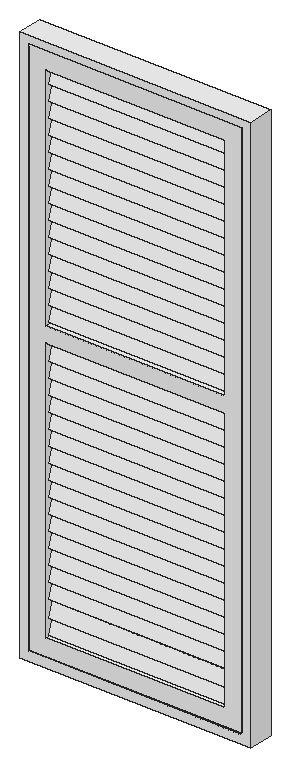
Revit family
Parameters (values of type "9 X 22")
  Assembly Code = ""
  Top Rail = 50 mm
  Stile = 50 mm
  Shutter = 합성수지
  Panel = Glass (2)
  Height = 2210 mm
  Frame Width = 50 mm
  Frame Depth = 100 mm
  Frame = 합성수지
  Default Sill Height = 0 mm
  Wall Closure = (empty or 0)
  Width = 910 mm
  Bottom Rail = 50 mm
Reference planes
  plane 1: y = 5
  plane 2 "Center (Left/Right)": x = 0
  plane 3 "Left": x = -455
  plane 4 "Right": x = 455
  plane 5 "Sill": z = 0
  plane 6 "Head": z = 2210
  plane 7 "Exterior": y = 80
  plane 8 "Interior": y = -70
  plane 9: x = -405
  plane 10: x = 405
  plane 11: y = 55
  plane 12: y = -45
  plane 13: z = 2160
  plane 14: z = 50
  plane 15: x = -355
  plane 16: x = 355
  plane 17: z = 2110
  plane 18: z = 100
  plane 19: x = -50
  plane 20: x = 50
  plane 21: z = 1105
Forms (mm)
  Sweep 1, solid, material "합성수지" <- "Frame"
    path origin (0, 5.744, -49.994) x (1, 0, 0) y (0, 0, 1)
      loop
        line (-300, 200) -> (300, 200) -> (300, 2100) -> (-300, 2100) -> (-300, 200)
    profile origin (0, 0, 1100.006) x (-1, 0, 0) y (0, -1, 0)
      loop
        line (455, 44.256) -> (420, 44.256) -> (420, 9.256) -> (405, 9.256) -> (405, -55.744) -> (455, -55.744) -> (455, 44.256)
  Extrusion 2, solid, material "합성수지" <- "Shutter"
    sketch origin (0, -45, 0) x (-1, 0, 0) y (0, 0, -1)
      loop
        line (420, -35) -> (-420, -35) -> (-420, -2175) -> (420, -2175) -> (420, -35)
      loop
        line (-355, -2110) -> (350.507, -2110) -> (350.507, -1204.934) -> (-355, -1204.934) -> (-355, -2110)
      loop
        line (-355, -100) -> (-355, -1144.934) -> (350.507, -1144.934) -> (350.507, -100) -> (-355, -100)
    from 0 to -35
  Extrusion 3, solid, material "합성수지" <- "Frame"
    sketch origin (0, -631.736, 194.636) x (1, 0, 0) y (0, -0.956305, 0.292372)
      loop
        line (-350.507, -25.5) -> (-350.507, -29.5) -> (355, -29.5) -> (355, -25.5) -> (-350.507, -25.5)
    from -1953.628 to -2010
  Extrusion 4, solid, material "합성수지" <- "Frame"
    sketch origin (0, -631.736, 134.636) x (1, 0, 0) y (0, -0.956305, 0.292372)
      loop
        line (-350.507, -25.5) -> (-350.507, -29.5) -> (355, -29.5) -> (355, -25.5) -> (-350.507, -25.5)
    from -1953.628 to -2010
  Extrusion 5, solid, material "합성수지" <- "Frame"
    sketch origin (0, -631.736, 74.636) x (1, 0, 0) y (0, -0.956305, 0.292372)
      loop
        line (-350.507, -25.5) -> (-350.507, -29.5) -> (355, -29.5) -> (355, -25.5) -> (-350.507, -25.5)
    from -1953.628 to -2010
  Extrusion 6, solid, material "합성수지" <- "Frame"
    sketch origin (0, -631.736, 14.636) x (1, 0, 0) y (0, -0.956305, 0.292372)
      loop
        line (-350.507, -25.5) -> (-350.507, -29.5) -> (355, -29.5) -> (355, -25.5) -> (-350.507, -25.5)
    from -1953.628 to -2010
  Extrusion 7, solid, material "합성수지" <- "Frame"
    sketch origin (0, -631.736, -45.364) x (1, 0, 0) y (0, -0.956305, 0.292372)
      loop
        line (-350.507, -25.5) -> (-350.507, -29.5) -> (355, -29.5) -> (355, -25.5) -> (-350.507, -25.5)
    from -1953.628 to -2010
  Extrusion 8, solid, material "합성수지" <- "Frame"
    sketch origin (0, -631.736, -105.364) x (1, 0, 0) y (0, -0.956305, 0.292372)
      loop
        line (-350.507, -25.5) -> (-350.507, -29.5) -> (355, -29.5) -> (355, -25.5) -> (-350.507, -25.5)
    from -1953.628 to -2010
  Extrusion 9, solid, material "합성수지" <- "Frame"
    sketch origin (0, -631.736, -165.364) x (1, 0, 0) y (0, -0.956305, 0.292372)
      loop
        line (-350.507, -25.5) -> (-350.507, -29.5) -> (355, -29.5) -> (355, -25.5) -> (-350.507, -25.5)
    from -1953.628 to -2010
  Extrusion 10, solid, material "합성수지" <- "Frame"
    sketch origin (0, -631.736, -225.364) x (1, 0, 0) y (0, -0.956305, 0.292372)
      loop
        line (-350.507, -25.5) -> (-350.507, -29.5) -> (355, -29.5) -> (355, -25.5) -> (-350.507, -25.5)
    from -1953.628 to -2010
  Extrusion 11, solid, material "합성수지" <- "Frame"
    sketch origin (0, -631.736, -285.364) x (1, 0, 0) y (0, -0.956305, 0.292372)
      loop
        line (-350.507, -25.5) -> (-350.507, -29.5) -> (355, -29.5) -> (355, -25.5) -> (-350.507, -25.5)
    from -1953.628 to -2010
  Extrusion 12, solid, material "합성수지" <- "Frame"
    sketch origin (0, -631.736, -345.364) x (1, 0, 0) y (0, -0.956305, 0.292372)
      loop
        line (-350.507, -25.5) -> (-350.507, -29.5) -> (355, -29.5) -> (355, -25.5) -> (-350.507, -25.5)
    from -1953.628 to -2010
  Extrusion 13, solid, material "합성수지" <- "Frame"
    sketch origin (0, -631.736, -405.364) x (1, 0, 0) y (0, -0.956305, 0.292372)
      loop
        line (-350.507, -25.5) -> (-350.507, -29.5) -> (355, -29.5) -> (355, -25.5) -> (-350.507, -25.5)
    from -1953.628 to -2010
  Extrusion 14, solid, material "합성수지" <- "Frame"
    sketch origin (0, -631.736, -465.364) x (1, 0, 0) y (0, -0.956305, 0.292372)
      loop
        line (-350.507, -25.5) -> (-350.507, -29.5) -> (355, -29.5) -> (355, -25.5) -> (-350.507, -25.5)
    from -1953.628 to -2010
  Extrusion 15, solid, material "합성수지" <- "Frame"
    sketch origin (0, -631.736, -525.364) x (1, 0, 0) y (0, -0.956305, 0.292372)
      loop
        line (-350.507, -25.5) -> (-350.507, -29.5) -> (355, -29.5) -> (355, -25.5) -> (-350.507, -25.5)
    from -1953.628 to -2010
  Extrusion 16, solid, material "합성수지" <- "Frame"
    sketch origin (0, -631.736, -585.364) x (1, 0, 0) y (0, -0.956305, 0.292372)
      loop
        line (-350.507, -25.5) -> (-350.507, -29.5) -> (355, -29.5) -> (355, -25.5) -> (-350.507, -25.5)
    from -1953.628 to -2010
  Extrusion 17, solid, material "합성수지" <- "Frame"
    sketch origin (0, -631.736, -645.364) x (1, 0, 0) y (0, -0.956305, 0.292372)
      loop
        line (-350.507, -25.5) -> (-350.507, -29.5) -> (355, -29.5) -> (355, -25.5) -> (-350.507, -25.5)
    from -1953.628 to -2010
  Extrusion 18, solid, material "합성수지" <- "Frame"
    sketch origin (0, -631.736, -785.364) x (1, 0, 0) y (0, -0.956305, 0.292372)
      loop
        line (-350.507, -25.5) -> (-350.507, -29.5) -> (355, -29.5) -> (355, -25.5) -> (-350.507, -25.5)
    from -1953.628 to -2010
  Extrusion 19, solid, material "합성수지" <- "Frame"
    sketch origin (0, -631.736, -845.364) x (1, 0, 0) y (0, -0.956305, 0.292372)
      loop
        line (-350.507, -25.5) -> (-350.507, -29.5) -> (355, -29.5) -> (355, -25.5) -> (-350.507, -25.5)
    from -1953.628 to -2010
  Extrusion 20, solid, material "합성수지" <- "Frame"
    sketch origin (0, -631.736, -905.364) x (1, 0, 0) y (0, -0.956305, 0.292372)
      loop
        line (-350.507, -25.5) -> (-350.507, -29.5) -> (355, -29.5) -> (355, -25.5) -> (-350.507, -25.5)
    from -1953.628 to -2010
  Extrusion 21, solid, material "합성수지" <- "Frame"
    sketch origin (0, -631.736, -965.364) x (1, 0, 0) y (0, -0.956305, 0.292372)
      loop
        line (-350.507, -25.5) -> (-350.507, -29.5) -> (355, -29.5) -> (355, -25.5) -> (-350.507, -25.5)
    from -1953.628 to -2010
  Extrusion 22, solid, material "합성수지" <- "Frame"
    sketch origin (0, -631.736, -1025.364) x (1, 0, 0) y (0, -0.956305, 0.292372)
      loop
        line (-350.507, -25.5) -> (-350.507, -29.5) -> (355, -29.5) -> (355, -25.5) -> (-350.507, -25.5)
    from -1953.628 to -2010
  Extrusion 23, solid, material "합성수지" <- "Frame"
    sketch origin (0, -631.736, -1085.364) x (1, 0, 0) y (0, -0.956305, 0.292372)
      loop
        line (-350.507, -25.5) -> (-350.507, -29.5) -> (355, -29.5) -> (355, -25.5) -> (-350.507, -25.5)
    from -1953.628 to -2010
  Extrusion 24, solid, material "합성수지" <- "Frame"
    sketch origin (0, -631.736, -1145.364) x (1, 0, 0) y (0, -0.956305, 0.292372)
      loop
        line (-350.507, -25.5) -> (-350.507, -29.5) -> (355, -29.5) -> (355, -25.5) -> (-350.507, -25.5)
    from -1953.628 to -2010
  Extrusion 25, solid, material "합성수지" <- "Frame"
    sketch origin (0, -631.736, -1205.364) x (1, 0, 0) y (0, -0.956305, 0.292372)
      loop
        line (-350.507, -25.5) -> (-350.507, -29.5) -> (355, -29.5) -> (355, -25.5) -> (-350.507, -25.5)
    from -1953.628 to -2010
  Extrusion 26, solid, material "합성수지" <- "Frame"
    sketch origin (0, -631.736, -1265.364) x (1, 0, 0) y (0, -0.956305, 0.292372)
      loop
        line (-350.507, -25.5) -> (-350.507, -29.5) -> (355, -29.5) -> (355, -25.5) -> (-350.507, -25.5)
    from -1953.628 to -2010
  Extrusion 27, solid, material "합성수지" <- "Frame"
    sketch origin (0, -631.736, -1325.364) x (1, 0, 0) y (0, -0.956305, 0.292372)
      loop
        line (-350.507, -25.5) -> (-350.507, -29.5) -> (355, -29.5) -> (355, -25.5) -> (-350.507, -25.5)
    from -1953.628 to -2010
  Extrusion 28, solid, material "합성수지" <- "Frame"
    sketch origin (0, -631.736, -1385.364) x (1, 0, 0) y (0, -0.956305, 0.292372)
      loop
        line (-350.507, -25.5) -> (-350.507, -29.5) -> (355, -29.5) -> (355, -25.5) -> (-350.507, -25.5)
    from -1953.628 to -2010
  Extrusion 29, solid, material "합성수지" <- "Frame"
    sketch origin (0, -631.736, -1445.364) x (1, 0, 0) y (0, -0.956305, 0.292372)
      loop
        line (-350.507, -25.5) -> (-350.507, -29.5) -> (355, -29.5) -> (355, -25.5) -> (-350.507, -25.5)
    from -1953.628 to -2010
  Extrusion 30, solid, material "합성수지" <- "Frame"
    sketch origin (0, -631.736, -1505.364) x (1, 0, 0) y (0, -0.956305, 0.292372)
      loop
        line (-350.507, -25.5) -> (-350.507, -29.5) -> (355, -29.5) -> (355, -25.5) -> (-350.507, -25.5)
    from -1953.628 to -2010
  Extrusion 31, solid, material "합성수지" <- "Frame"
    sketch origin (0, -631.736, -1565.364) x (1, 0, 0) y (0, -0.956305, 0.292372)
      loop
        line (-350.507, -25.5) -> (-350.507, -29.5) -> (355, -29.5) -> (355, -25.5) -> (-350.507, -25.5)
    from -1953.628 to -2010
  Extrusion 32, solid, material "합성수지" <- "Frame"
    sketch origin (0, -631.736, -1625.364) x (1, 0, 0) y (0, -0.956305, 0.292372)
      loop
        line (-350.507, -25.5) -> (-350.507, -29.5) -> (355, -29.5) -> (355, -25.5) -> (-350.507, -25.5)
    from -1953.628 to -2010
  Extrusion 33, solid, material "합성수지" <- "Frame"
    sketch origin (0, -631.736, -1692.864) x (1, 0, 0) y (0, -0.956305, 0.292372)
      loop
        line (-350.507, -25.5) -> (-350.507, -29.5) -> (355, -29.5) -> (355, -25.5) -> (-350.507, -25.5)
    from -1953.628 to -2010
  Extrusion 34, solid, material "합성수지" <- "Frame"
    sketch origin (0, -631.736, -1752.864) x (1, 0, 0) y (0, -0.956305, 0.292372)
      loop
        line (-350.507, -25.5) -> (-350.507, -29.5) -> (355, -29.5) -> (355, -25.5) -> (-350.507, -25.5)
    from -1953.628 to -2010
Lines and regions (mm)
  Opening 1
    outline origin (3500, -70, 0) x (1, 0, 0) y (0, 0, 1)
      loop
        line (-3045, 0) -> (-3045, 2210) -> (-3955, 2210) -> (-3955, 0) -> (-3045, 0)
  symbolic lines, style "WindowsFrameMullionProjection", detail levels medium+fine
    curve 1: line (-455, 55.744, 0) -> (-405, 55.744, 0)
    curve 2: line (-405, 55.744, 0) -> (-405, -15, 0)
    curve 3: line (-420, -15, 0) -> (-405, -15, 0)
    curve 4: line (-420, -15, 0) -> (-420, -45, 0)
    curve 5: line (-455, -45, 0) -> (-420, -45, 0)
    curve 6: line (455, 55.744, 0) -> (405, 55.744, 0)
    curve 7: line (405, 55.744, 0) -> (405, -14.256, 0)
    curve 8: line (405, -9.256, 0) -> (420, -9.256, 0)
    curve 9: line (420, -9.256, 0) -> (420, -44.256, 0)
    curve 10: line (420, -44.256, 0) -> (455, -44.256, 0)
    curve 11: line (455, -44.256, 0) -> (455, 55.744, 0)
    curve 13: line (-455, 55.744, 0) -> (-455, -45, 0)
  symbolic lines, style "Plan Swing"
    curve 12: line (-420, -45, 0) -> (420, -44.256, 0)
  symbolic lines, style "WindowsFrameMullionProjection", detail levels coarse
    curve 14: line (-420, -45, 0) -> (-455, -45, 0)
    curve 15: line (-420, 55.744, 0) -> (-420, -45, 0)
    curve 16: line (-455, 55.744, 0) -> (-420, 55.744, 0)
    curve 17: line (-455, -45, 0) -> (-455, 55.744, 0)
    curve 18: line (420, -44.256, 0) -> (455, -44.256, 0)
    curve 19: line (420, 55.744, 0) -> (420, -44.256, 0)
    curve 20: line (455, 55.744, 0) -> (420, 55.744, 0)
    curve 21: line (455, -44.256, 0) -> (455, 55.744, 0)
  symbolic lines, style "Elevation Swing Coarse", detail levels coarse
    curve 22: line (405, 0, 1105) -> (0, 0, 1505)
    curve 23: line (405, 0, 1105) -> (0, 0, 595)
    curve 24: line (0, 0, 1505) -> (-405, 0, 1105)
    curve 25: line (0, 0, 595) -> (-405, 0, 1105)
  symbolic lines, style "Plan Swing", detail levels coarse
    curve 26: line (-420, -9.256, 0) -> (420, -9.256, 0)
  symbolic lines, style "Elevation Swing Medium", detail levels medium
    curve 27: line (405, 0, 1105) -> (0, 0, 1505)
    curve 28: line (405, 0, 1105) -> (0, 0, 595)
    curve 29: line (0, 0, 1505) -> (-405, 0, 1105)
    curve 30: line (0, 0, 595) -> (-405, 0, 1105)
  symbolic lines, style "Elevation Swing Fine", detail levels fine
    curve 31: line (405, 0, 1105) -> (0, 0, 1505)
    curve 32: line (405, 0, 1105) -> (0, 0, 595)
    curve 33: line (0, 0, 1505) -> (-405, 0, 1105)
    curve 34: line (0, 0, 595) -> (-405, 0, 1105)
Text (mm)
  text "EXTERIOR" at (-1963.203, 1332.353, 0), in view "Ref. Level"
  text "INTERIOR" at (-1981.466, -818.386, 0), in view "Ref. Level"
  text "Exterior" at (0, 923.751, 2943.296), in view "Right"
  text "Exterior" at (0, 1040.484, 2685.409), in view "Left"
Dimensions and locks
  equal spacing: plane 3 "Left", plane 2 "Center (Left/Right)", plane 4 "Right"
  "Width": plane 3 "Left" to plane 4 "Right"
  "Height": plane 5 "Sill" to plane 6 "Head"
  "Default Sill Height": plane 5 "Sill" to level
  locked: plane 7 "Exterior" to host wall at 0
  locked: plane 8 "Interior" to host wall
  locked: Sweep 1 sketch curve to Sweep 1 sketch curve at 15
  locked: Sweep 1 sketch curve to Sweep 1 sketch curve at 35
  "Frame Width": plane 3 "Left" to plane 9
  "Frame Width": plane 10 to plane 4 "Right"
  equal spacing: plane 12, plane 1, plane 11
  "Frame Depth": plane 12 to plane 11
  "Frame Width": plane 6 "Head" to plane 13
  "Frame Width": plane 14 to plane 5 "Sill"
  "Stile": plane 15 to plane 9
  "Stile": plane 10 to plane 16
  "Stile": plane 2 "Center (Left/Right)" to plane 19
  "Stile": plane 20 to plane 2 "Center (Left/Right)"
  "Top Rail": plane 13 to plane 17
  "Bottom Rail": plane 18 to plane 14
  equal spacing: plane 6 "Head", plane 21, plane 5 "Sill"
  equal spacing: plane 8 "Interior", plane 1, plane 7 "Exterior"
  aligned and locked: Sweep 1 sketch curve to plane 3 "Left"
  aligned and locked: plane 9 to Sweep 1 sketch curve
  aligned and locked: curve 1 to Sweep 1  (x2)
  aligned and locked: curve 2 to Sweep 1
  aligned and locked: curve 3 to Sweep 1
  aligned and locked: Sweep 1 to curve 5
  aligned and locked: Sweep 1 to curve 6
  aligned and locked: curve 7 to Sweep 1
  aligned and locked: curve 7 to curve 8
  aligned and locked: Sweep 1 to curve 8
  aligned and locked: Sweep 1 to curve 9
  aligned and locked: curve 13 to curve 1
  aligned and locked: curve 13 to curve 5
  aligned and locked: plane 3 "Left" to curve 13
  aligned and locked: curve 21 to Sweep 1  (x2)
  aligned and locked: curve 26 to Sweep 1
Automatic sketch dimensions
  curve 12 to plane 12 = 0 mm
  plane 10 to curve 8 = 15 mm
  curve 3 to curve 26 = 5.744 mm
  curve 7 to curve 8 = 5 mm
  curve 29 to plane 2 "Center (Left/Right)" = 0 mm
  curve 24 to plane 9 = 0 mm
  curve 24 to plane 21 = 0 mm
  curve 27 to plane 10 = 0 mm
  curve 27 to plane 21 = 0 mm
  curve 32 to plane 2 "Center (Left/Right)" = 0 mm
  curve 33 to plane 21 = 400 mm
  curve 32 to plane 18 = 495 mm
  Opening 1 sketch curve to level = 0 mm
  Opening 1 sketch curve to plane 3 "Left" = 0 mm
  Opening 1 sketch curve to plane 4 "Right" = 0 mm
  Opening 1 sketch curve to plane 6 "Head" = 0 mm
  plane 15 to Sweep 1 sketch curve = 55 mm
  Sweep 1 sketch curve to plane 16 = 55 mm
  Sweep 1 sketch curve to plane 18 = 50.006 mm
  plane 17 to Sweep 1 sketch curve = 59.994 mm
  Sweep 1 sketch curve to Sweep 1 sketch curve = 65 mm
  Extrusion 2 sketch curve to plane 16 = 0 mm  (x2)
  Extrusion 2 sketch curve to plane 17 = 0 mm
  Extrusion 2 sketch curve to plane 18 = 0 mm
  plane 10 to Extrusion 2 sketch curve = 15 mm
  plane 15 to Extrusion 2 sketch curve = 4.493 mm  (x2)
  Extrusion 2 sketch curve to plane 9 = 15 mm
  Extrusion 2 sketch curve to plane 13 = 15 mm
  Extrusion 2 sketch curve to plane 21 = 99.934 mm
  Extrusion 2 sketch curve to plane 21 = 39.934 mm
  plane 14 to Extrusion 2 sketch curve = 15 mm
  Extrusion 3 sketch curve to plane 16 = 0 mm
  plane 15 to Extrusion 3 sketch curve = 4.493 mm
  Extrusion 3 sketch curve to Extrusion 3 sketch curve = 4 mm
  Extrusion 4 sketch curve to plane 16 = 0 mm
  plane 15 to Extrusion 4 sketch curve = 4.493 mm
  Extrusion 4 sketch curve to Extrusion 4 sketch curve = 4 mm
  Extrusion 5 sketch curve to plane 16 = 0 mm
  plane 15 to Extrusion 5 sketch curve = 4.493 mm
  Extrusion 5 sketch curve to Extrusion 5 sketch curve = 4 mm
  Extrusion 6 sketch curve to plane 16 = 0 mm
  plane 15 to Extrusion 6 sketch curve = 4.493 mm
  Extrusion 6 sketch curve to Extrusion 6 sketch curve = 4 mm
  Extrusion 7 sketch curve to plane 16 = 0 mm
  plane 15 to Extrusion 7 sketch curve = 4.493 mm
  Extrusion 7 sketch curve to Extrusion 7 sketch curve = 4 mm
  Extrusion 8 sketch curve to plane 16 = 0 mm
  plane 15 to Extrusion 8 sketch curve = 4.493 mm
  Extrusion 8 sketch curve to Extrusion 8 sketch curve = 4 mm
  Extrusion 9 sketch curve to plane 16 = 0 mm
  plane 15 to Extrusion 9 sketch curve = 4.493 mm
  Extrusion 9 sketch curve to Extrusion 9 sketch curve = 4 mm
  Extrusion 10 sketch curve to plane 16 = 0 mm
  plane 15 to Extrusion 10 sketch curve = 4.493 mm
  Extrusion 10 sketch curve to Extrusion 10 sketch curve = 4 mm
  Extrusion 11 sketch curve to plane 16 = 0 mm
  plane 15 to Extrusion 11 sketch curve = 4.493 mm
  Extrusion 11 sketch curve to Extrusion 11 sketch curve = 4 mm
  Extrusion 12 sketch curve to plane 16 = 0 mm
  plane 15 to Extrusion 12 sketch curve = 4.493 mm
  Extrusion 12 sketch curve to Extrusion 12 sketch curve = 4 mm
  Extrusion 13 sketch curve to plane 16 = 0 mm
  plane 15 to Extrusion 13 sketch curve = 4.493 mm
  Extrusion 13 sketch curve to Extrusion 13 sketch curve = 4 mm
  Extrusion 14 sketch curve to plane 16 = 0 mm
  plane 15 to Extrusion 14 sketch curve = 4.493 mm
  Extrusion 14 sketch curve to Extrusion 14 sketch curve = 4 mm
  Extrusion 15 sketch curve to plane 16 = 0 mm
  plane 15 to Extrusion 15 sketch curve = 4.493 mm
  Extrusion 15 sketch curve to Extrusion 15 sketch curve = 4 mm
  Extrusion 16 sketch curve to plane 16 = 0 mm
  plane 15 to Extrusion 16 sketch curve = 4.493 mm
  Extrusion 16 sketch curve to Extrusion 16 sketch curve = 4 mm
  Extrusion 17 sketch curve to plane 16 = 0 mm
  plane 15 to Extrusion 17 sketch curve = 4.493 mm
  Extrusion 17 sketch curve to Extrusion 17 sketch curve = 4 mm
  Extrusion 18 sketch curve to plane 16 = 0 mm
  plane 15 to Extrusion 18 sketch curve = 4.493 mm
  Extrusion 18 sketch curve to Extrusion 18 sketch curve = 4 mm
  Extrusion 19 sketch curve to plane 16 = 0 mm
  plane 15 to Extrusion 19 sketch curve = 4.493 mm
  Extrusion 19 sketch curve to Extrusion 19 sketch curve = 4 mm
  Extrusion 20 sketch curve to plane 16 = 0 mm
  plane 15 to Extrusion 20 sketch curve = 4.493 mm
  Extrusion 20 sketch curve to Extrusion 20 sketch curve = 4 mm
  Extrusion 21 sketch curve to plane 16 = 0 mm
  plane 15 to Extrusion 21 sketch curve = 4.493 mm
  Extrusion 21 sketch curve to Extrusion 21 sketch curve = 4 mm
  Extrusion 22 sketch curve to plane 16 = 0 mm
  plane 15 to Extrusion 22 sketch curve = 4.493 mm
  Extrusion 22 sketch curve to Extrusion 22 sketch curve = 4 mm
  Extrusion 23 sketch curve to plane 16 = 0 mm
  plane 15 to Extrusion 23 sketch curve = 4.493 mm
  Extrusion 23 sketch curve to Extrusion 23 sketch curve = 4 mm
  Extrusion 24 sketch curve to plane 16 = 0 mm
  plane 15 to Extrusion 24 sketch curve = 4.493 mm
  Extrusion 24 sketch curve to Extrusion 24 sketch curve = 4 mm
  Extrusion 25 sketch curve to plane 16 = 0 mm
  plane 15 to Extrusion 25 sketch curve = 4.493 mm
  Extrusion 25 sketch curve to Extrusion 25 sketch curve = 4 mm
  Extrusion 26 sketch curve to plane 16 = 0 mm
  plane 15 to Extrusion 26 sketch curve = 4.493 mm
  Extrusion 26 sketch curve to Extrusion 26 sketch curve = 4 mm
  Extrusion 27 sketch curve to plane 16 = 0 mm
  plane 15 to Extrusion 27 sketch curve = 4.493 mm
  Extrusion 27 sketch curve to Extrusion 27 sketch curve = 4 mm
  Extrusion 28 sketch curve to plane 16 = 0 mm
  plane 15 to Extrusion 28 sketch curve = 4.493 mm
  Extrusion 28 sketch curve to Extrusion 28 sketch curve = 4 mm
  Extrusion 29 sketch curve to plane 16 = 0 mm
  plane 15 to Extrusion 29 sketch curve = 4.493 mm
  Extrusion 29 sketch curve to Extrusion 29 sketch curve = 4 mm
  Extrusion 30 sketch curve to plane 16 = 0 mm
  plane 15 to Extrusion 30 sketch curve = 4.493 mm
  Extrusion 30 sketch curve to Extrusion 30 sketch curve = 4 mm
  Extrusion 31 sketch curve to plane 16 = 0 mm
  plane 15 to Extrusion 31 sketch curve = 4.493 mm
  Extrusion 31 sketch curve to Extrusion 31 sketch curve = 4 mm
  Extrusion 32 sketch curve to plane 16 = 0 mm
  plane 15 to Extrusion 32 sketch curve = 4.493 mm
  Extrusion 32 sketch curve to Extrusion 32 sketch curve = 4 mm
  Extrusion 33 sketch curve to plane 16 = 0 mm
  plane 15 to Extrusion 33 sketch curve = 4.493 mm
  Extrusion 33 sketch curve to Extrusion 33 sketch curve = 4 mm
  Extrusion 34 sketch curve to plane 16 = 0 mm
  plane 15 to Extrusion 34 sketch curve = 4.493 mm
  Extrusion 34 sketch curve to Extrusion 34 sketch curve = 4 mm
